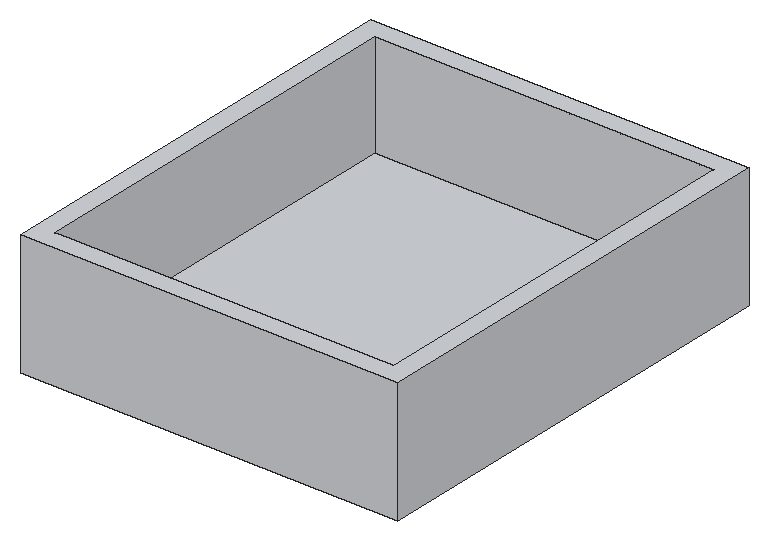
Revit family "RN 86055 Sockelkasten", category Allgemeines Modell, Revit 2019
Family settings
  Kann Basisbauteil für Bewehrung sein = Nein
  Bemaßung runder Anschluss = Durchmesser verwenden
  Teiletyp = Normal
  Arbeitsebenenbasiert = Nein
  Immer vertikal = Ja
  Beim Laden mit Abzugskörper schneiden = Nein
  Gemeinsam genutzt = Nein
  Raumberechnungspunkt = Nein
Parameters (values of type "86055.21")
  sR = 25 mm
  L = 570 mm
  H1 = 160 mm
  B = 490 mm
Types (4, lengths in mm): name | L
  86055.21 | 570
  86055.22 | 770
  86055.23 | 970
  86055.24 | 1170
Reference planes
  plane 1 "Mitte (Vorne/Hinten)": y = 0
  plane 2: z = 0
  plane 3 "Mitte (Links/Rechts)": x = 0
  plane 4: x = 490
  plane 5: y = 570
  plane 6: z = 160
Forms (mm)
  Extrusion 1, solid
    sketch origin (0, 0, 0) x (1, 0, 0) y (0, 1, 0)
      loop
        line (0, 570) -> (0, 0) -> (490, 0) -> (490, 570) -> (0, 570)
    from 0 to 160
  Extrusion 2, void
    sketch origin (-305.164, -1524, 160) x (0, -1, 0) y (-1, 0, 0)
      loop
        line (-2069, -330.164) -> (-2069, -770.164) -> (-1549, -770.164) -> (-1549, -330.164) -> (-2069, -330.164)
    from 0 to 135
Cuts and joins
  Extrusion 2 cuts Extrusion 1
Dimensions and locks
  "H1": plane 6 to level
  "B": plane 3 "Mitte (Links/Rechts)" to plane 4
  "L": plane 1 "Mitte (Vorne/Hinten)" to plane 5
  "sR": plane 5 to Extrusion 2 sketch curve
  "sR": plane 1 "Mitte (Vorne/Hinten)" to Extrusion 2 sketch curve
  "sR": Extrusion 2 sketch curve to plane 4
  "sR": plane 3 "Mitte (Links/Rechts)" to Extrusion 2 sketch curve
  "sR": cut or joined group of Extrusion 1, Extrusion 2 to level
  aligned and locked: level to plane 2
  aligned and locked: plane 1 "Mitte (Vorne/Hinten)" to Extrusion 1
  aligned and locked: Extrusion 1 to plane 4
  aligned and locked: plane 5 to Extrusion 1
  aligned and locked: Extrusion 1 to plane 3 "Mitte (Links/Rechts)"
  aligned and locked: plane 6 to Extrusion 1
Automatic sketch dimensions
  plane 1 "Mitte (Vorne/Hinten)" to Extrusion 1 sketch curve = 0 mm
  Extrusion 1 sketch curve to plane 3 "Mitte (Links/Rechts)" = 0 mm
  Extrusion 1 sketch curve to plane 4 = 0 mm
  Extrusion 1 sketch curve to plane 5 = 0 mm
